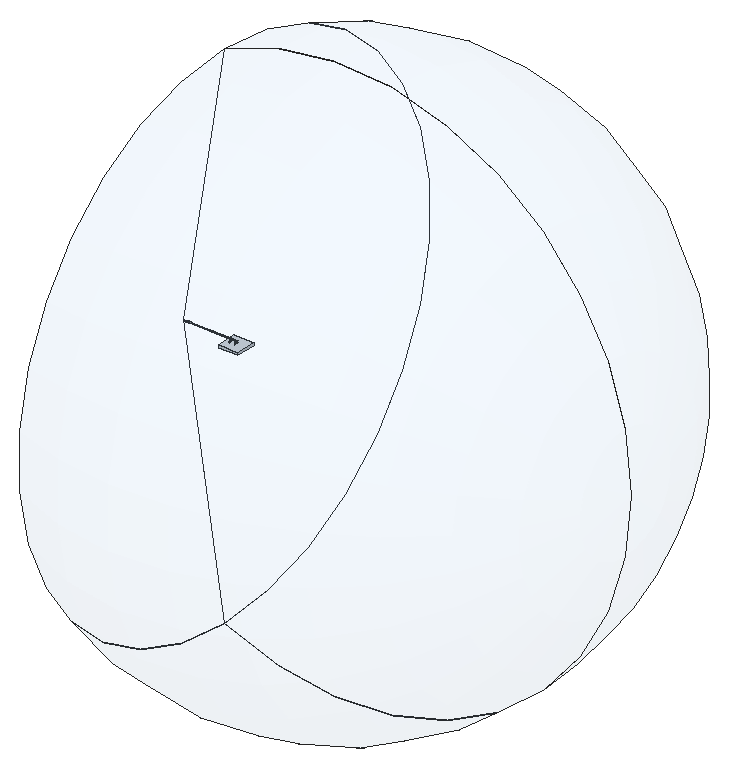
Revit family "Sistemas de captación_DAT CONTROLER REMOTE", category Equipos especializados, Revit 2017
Family settings
  Anfitrión = Cara
  Cota de conector redondo = Diámetro de uso
  Tipo de pieza = Normal
  Corte con vacíos al cargar = No
  Compartido = No
  Punto de cálculo de habitación = No
Parameters
  URL Pieza de adaptación [instance] = "https://at3w.com/upload/pdf_producto/AT-011A_E.PDF"
  URL Mástil [instance] = "https://at3w.com/upload/pdf_producto/AT-056A_E.PDF"
  URL Dat Controler Remote [instance] = "https://at3w.com/upload/pdf_producto/AT-2560_E.PDF"
  URL Anclaje [instance] = "https://at3w.com/upload/pdf_producto/AT-013B_E.PDF"
  URL = "https://at3w.com/"
  Tiempo de avance [instance] = if(Referencia = AT 2515, 15, if(Referencia = AT 2530, 30, if(Referencia = AT 2545, 45, 60)))  # 15
  Referencia AT [instance] = if(Referencia = AT 2515, "AT-2515", if(Referencia = AT 2530, "AT-2530", if(Referencia = AT 2545, "AT-2545", "AT-2560")))  # "AT-2515"
  Referencia [instance] = Referencia : AT-2515
  E [instance] = sqrt(D AL ^ 2 - (D - 5000 mm) ^ 2)  # 31622.777 mm
  Model = ""
  Fabricante = "APLICACIONES TECNOLÓGICAS"  # constant formula
  D AL [instance] = D + AL  # 35000 mm
  D [instance] = if(Nivel de protección = Nivel de protección I, 20000 mm, if(Nivel de protección = Nivel de protección II, 30000 mm, if(Nivel de protección = Nivel de protección III, 45000 mm, 60000 mm)))  # 20000 mm
  Volumen de protección [instance] = yes
  Radio de protección [instance] = if(and(Nivel de protección = Nivel de protección I, Referencia = AT 2515), 32000 mm, if(and(Nivel de protección = Nivel de protección I, Referencia = AT 2530), 48000 mm, if(and(Nivel de protección = Nivel de protección I, Referencia = AT 2545), 63000 mm, if(and(Nivel de protección = Nivel de protección I, Referencia = AT 2560), 79000 mm, if(and(Nivel de protección = Nivel de protección II, Referencia = AT 2515), 38000 mm, if(and(Nivel de protección = Nivel de protección II, Referencia = AT 2530), 55000 mm, if(and(Nivel de protección = Nivel de protección II, Referencia = AT 2545), 71000 mm, if(and(Nivel de protección = Nivel de protección II, Referencia = AT 2560), 87000 mm, if(and(Nivel de protección = Nivel de protección III, Referencia = AT 2515), 46000 mm, if(and(Nivel de protección = Nivel de protección III, Referencia = AT 2530), 64000 mm, if(and(Nivel de protección = Nivel de protección III, Referencia = AT 2545), 81000 mm, if(and(Nivel de protección = Nivel de protección III, Referencia = AT 2560), 97000 mm, if(and(Nivel de protección = Nivel de protección IV, Referencia = AT 2515), 52000 mm, if(and(Nivel de protección = Nivel de protección IV, Referencia = AT 2530), 72000 mm, if(and(Nivel de protección = Nivel de protección IV, Referencia = AT 2545), 90000 mm, 107000 mm)))))))))))))))  # 32000 mm
  Nivel de protección IV [instance] = Nivel de protección : IV
  Nivel de protección III [instance] = Nivel de protección : III
  Nivel de protección II [instance] = Nivel de protección : II
  Nivel de protección I [instance] = Nivel de protección : I
  Nivel de protección [instance] = Nivel de protección : I
  Default Elevation = 1219.2 mm
  Código de montaje = "1"
  AT 2560 [instance] = Referencia : AT-2560
  AT 2545 [instance] = Referencia : AT-2545
  AT 2530 [instance] = Referencia : AT-2530
  AT 2515 [instance] = Referencia : AT-2515
  AL [instance] = if(Tiempo de avance = 15, 15000 mm, if(Tiempo de avance = 30, 30000 mm, if(Tiempo de avance = 45, 45000 mm, 60000 mm)))  # 15000 mm
Reference planes
  plane 1 "Centro (Frontal/Posterior)": y = 0
  plane 2: z = 0
  plane 3 "Centro (Izquierda/Derecha)": x = 0
Forms (mm)
  Extrusion 1, solid
    sketch origin (0, 0, 0) x (1, 0, 0) y (0, 1, 0)
      loop
        line (-1219.2, 1219.2) -> (-1219.2, -1219.2) -> (1219.2, -1219.2) -> (1219.2, 1219.2) -> (-1219.2, 1219.2)
    from 0 to -304.8
  Revolve 2, solid, material "Volumen de protección", visible <- "Volumen de protección"
    sketch origin (0, 0, 0) x (1, 0, 0) y (0, 0, 1)
      loop
        line (-6433.198, 309.1) -> (-1433.198, -31313.677)
        arc (-1433.198, -31313.677) -> (32275.089, -29271.299) -> (48566.802, 309.1) r 35000
        line (48566.802, 309.1) -> (-6433.198, 309.1)
      axis (-6433.198, 309.1) -> (48566.802, 309.1)
    angle from 0 to 360
Dimensions and locks
  "E": Revolve 2 sketch curve to Revolve 2 sketch curve
  "D AL": radius of Revolve 2 sketch curve
  aligned and locked: plane 2 to Extrusion 1
  aligned and locked: level to Extrusion 1
  aligned and locked: nested 1 to Extrusion 1
  aligned and locked: nested 1 to plane 3 "Centro (Izquierda/Derecha)"
  aligned and locked: plane 1 "Centro (Frontal/Posterior)" to nested 1
Automatic sketch dimensions
  Extrusion 1 sketch curve to Extrusion 1 sketch curve = 2438.4 mm  (x2)
  level to Revolve 2 sketch curve = 309.1 mm  (x3)
  Revolve 2 sketch curve to plane 3 "Centro (Izquierda/Derecha)" = 6433.198 mm
  Revolve 2 sketch curve to plane 3 "Centro (Izquierda/Derecha)" = 1433.198 mm
  Revolve 2 sketch curve to Revolve 2 sketch curve = 0 mm
  Revolve 2 sketch curve to Revolve 2 sketch curve = 900 mm
Nested families
  nested 1: "Anclaje" at (0, 0, 0) x (0, -1, 0) z (0, 0, 1), type "Anclaje"
    with Referencia AT "AT-023B", Peso (kg) 6, Modelo Anclaje "Anclaje en U de 30 cm atornillado a la pared", Material Acero galvanizado, Incluye "2 soportes", Dimensiones (mm) "2 x (50 x 400 x 290)"
  nested 2: "Mástil" at (119.802, 0, 290), type "Mástil"
    with Referencia AT "AT-056A", Peso (kg) 20, Modelo Mástil "Mástil de 6 m (2 secciones)", Material Acero galvanizado, Incluye "2 secciones x 3 m", Dimensiones "Ø1 1/2'' x 6 m"
  nested 3: "Pieza de adaptación" at (-5832.198, 0, 290.05), type "Pieza de adaptación"
    with Rosca "M20", Referencia AT "AT-011A", Rango de conductores - Ø (mm) "8 - 10", Rango de conductores - mm2 "50 - 70", Rango de conductores - Pletina (mm) "30 x 2 - 30 x 3,5", Peso (g) 655, Mástil "1 1/2''", Material Latón, Dimensiones "Ø48 x 70"
  nested 4: "Pararrayos con dispositivo de cebado_DAT CONTROLER REMOTE" at (-5882.198, 0, 309.1), type "Pararrayos con dispositivo de cebado_DAT CONTROLER REMOTE"
    with Tipo de dispositivo de cebado "Electropulsante (emisor de impulsos)", Temperatura de trabajo "-25 ºC a 88 ºC", Peso (kg) 3.8, Material Acero inox., Fijación "Rosca macho M20", Estanqueidad "IP67", Aislante interno "Resina de poliuretano"
Definition of nested family "Anclaje"
  Parameters (values of type "Anclaje")
    URL = "https://at3w.com/"
    Referencia AT [instance] = "AT-023B"  # constant formula
    Peso (kg) [instance] = 6  # constant formula
    Modelo Anclaje [instance] = "Anclaje en U de 30 cm atornillado a la pared"  # constant formula
    Model = ""
    Material [instance] = none
    Incluye [instance] = "2 soportes"  # constant formula
    Manufacturer = "APLICACIONES TECNOLÓGICAS"  # constant formula
    Default Elevation = 1219.2 mm
    Dimensiones (mm) [instance] = "2 x (50 x 400 x 290)"  # constant formula
    Description = "Sistema de anclaje en U de 30 cm de longitud, fabricado en acero de 8 mm de espesor y galvanizado en caliente. Para fijación con tornillos en pared. (2 soportes) Ref. AT-023B"  # constant formula
    Assembly Code = "1.4"
  Reference planes
    plane 1 "Centro (Frontal/Posterior)": y = 0
    plane 2: z = 0
    plane 3 "Centro (Izquierda/Derecha)": x = 0
    plane 4: x = -200
    plane 5: x = 200
    plane 6: z = 290
    plane 7: y = -50
    plane 8: y = -650
  Forms (mm)
    Extrusion 1, solid, material <- "Material"
      sketch origin (0, 0, 0) x (1, 0, 0) y (0, 0, 1)
        loop
          line (-200, 0) -> (-149.482, 0) -> (-94.084, 285) -> (94.084, 285) -> (149.482, 0) -> (200, 0) -> (200, 5) -> (153.604, 5) -> (98.205, 290) -> (-98.205, 290) -> (-153.604, 5) -> (-200, 5) -> (-200, 0)
      from 0 to 50
    Extrusion 2, solid, material <- "Material"
      sketch origin (0, 0, 0) x (1, 0, 0) y (0, 0, 1)
        loop
          line (-98.205, 290) -> (-48.205, 290) -> (0, 335.314) -> (48.205, 290) -> (98.205, 290) -> (98.205, 295) -> (50.187, 295) -> (0, 342.176) -> (-50.187, 295) -> (-98.205, 295) -> (-98.205, 290)
      from 0 to 50
    Extrusion 3, void
      sketch origin (0, 0, 0) x (0, -1, 0) y (1, 0, 0)
        loop
          circle (25, -176.802) r 5
        loop
          circle (25, 176.802) r 5
      from -11.889 to 10.622
    Extrusion 4, solid, material <- "Material"
      sketch origin (0, 0, 184.223) x (0, -1, 0) y (1, 0, 0)
        loop
          line (25, 64.196) -> (33.66, 69.196) -> (33.66, 79.196) -> (25, 84.196) -> (16.34, 79.196) -> (16.34, 69.196) -> (25, 64.196)
        loop
          line (25, -64.196) -> (16.34, -69.196) -> (16.34, -79.196) -> (25, -84.196) -> (33.66, -79.196) -> (33.66, -69.196) -> (25, -64.196)
      from 113.8 to 110.777
    Extrusion 5, solid, material <- "Material"
      sketch origin (0, 0, 184.223) x (0, -1, 0) y (1, 0, 0)
        loop
          line (25, 64.196) -> (33.66, 69.196) -> (33.66, 79.196) -> (25, 84.196) -> (16.34, 79.196) -> (16.34, 69.196) -> (25, 64.196)
        loop
          circle (25, 74.196) r 5
        loop
          line (25, -84.196) -> (33.66, -79.196) -> (33.66, -69.196) -> (25, -64.196) -> (16.34, -69.196) -> (16.34, -79.196) -> (25, -84.196)
        loop
          circle (25, -74.196) r 5
      from 100.777 to 97.8
    Extrusion 6, solid, material <- "Material"
      sketch origin (0, 0, 184.223) x (0, -1, 0) y (1, 0, 0)
        loop
          circle (25, 74.196) r 5
        loop
          circle (25, -74.196) r 5
      from 100.777 to 90.8
    Extrusion 7, solid, material <- "Material"
      sketch origin (0, -650, 0) x (1, 0, 0) y (0, 0, 1)
        loop
          line (-200, 0) -> (-149.482, 0) -> (-94.084, 285) -> (94.084, 285) -> (149.482, 0) -> (200, 0) -> (200, 5) -> (153.604, 5) -> (98.205, 290) -> (-98.205, 290) -> (-153.604, 5) -> (-200, 5) -> (-200, 0)
      from 0 to 50
    Extrusion 8, solid, material <- "Material"
      sketch origin (0, -650, 0) x (1, 0, 0) y (0, 0, 1)
        loop
          line (-98.205, 290) -> (-48.205, 290) -> (0, 335.314) -> (48.205, 290) -> (98.205, 290) -> (98.205, 295) -> (50.187, 295) -> (0, 342.176) -> (-50.187, 295) -> (-98.205, 295) -> (-98.205, 290)
      from 0 to 50
    Extrusion 9, void
      sketch origin (0, -650, 0) x (0, -1, 0) y (1, 0, 0)
        loop
          circle (25, -176.802) r 5
        loop
          circle (25, 176.802) r 5
      from -11.889 to 10.622
    Extrusion 10, solid, material <- "Material"
      sketch origin (0, -650, 184.223) x (0, -1, 0) y (1, 0, 0)
        loop
          line (25, 64.196) -> (33.66, 69.196) -> (33.66, 79.196) -> (25, 84.196) -> (16.34, 79.196) -> (16.34, 69.196) -> (25, 64.196)
        loop
          line (25, -64.196) -> (16.34, -69.196) -> (16.34, -79.196) -> (25, -84.196) -> (33.66, -79.196) -> (33.66, -69.196) -> (25, -64.196)
      from 113.8 to 110.777
    Extrusion 11, solid, material <- "Material"
      sketch origin (0, -650, 184.223) x (0, -1, 0) y (1, 0, 0)
        loop
          line (25, 64.196) -> (33.66, 69.196) -> (33.66, 79.196) -> (25, 84.196) -> (16.34, 79.196) -> (16.34, 69.196) -> (25, 64.196)
        loop
          circle (25, 74.196) r 5
        loop
          line (25, -84.196) -> (33.66, -79.196) -> (33.66, -69.196) -> (25, -64.196) -> (16.34, -69.196) -> (16.34, -79.196) -> (25, -84.196)
        loop
          circle (25, -74.196) r 5
      from 97.8 to 100.777
    Extrusion 12, solid, material <- "Material"
      sketch origin (0, -650, 184.223) x (0, -1, 0) y (1, 0, 0)
        loop
          circle (25, 74.196) r 5
        loop
          circle (25, -74.196) r 5
      from 100.777 to 90.8
  Cuts and joins
    Extrusion 3, Extrusion 9 cuts Extrusion 1
    Extrusion 9 cuts Extrusion 7
  Dimensions and locks
    locked: plane 4 to plane 5 at 400
    plane 6 to level = 290 mm
    locked: plane 8 to plane 7 at 600
    aligned and locked: level to plane 2
    aligned and locked: Extrusion 2 sketch curve to Extrusion 1
    aligned and locked: Extrusion 4 to Extrusion 2
    aligned and locked: cut or joined group of Extrusion 1, Extrusion 3, Extrusion 9 to Extrusion 5
    aligned and locked: cut or joined group of Extrusion 1, Extrusion 3, Extrusion 9 to Extrusion 6
    aligned and locked: Extrusion 8 sketch curve to Extrusion 7
    aligned and locked: Extrusion 10 to Extrusion 8
    aligned and locked: Extrusion 12 to cut or joined group of Extrusion 7, Extrusion 9
    aligned and locked: Extrusion 11 to Extrusion 12
Definition of nested family "Mástil"
  Parameters (values of type "Mástil")
    URL = "https://at3w.com/"
    Referencia AT [instance] = "AT-056A"  # constant formula
    Peso (kg) [instance] = 20  # constant formula
    Modelo Mástil [instance] = "Mástil de 6 m (2 secciones)"  # constant formula
    Model = ""
    Material [instance] = none
    Incluye [instance] = "2 secciones x 3 m"  # constant formula
    Manufacturer = "APLICACIONES TECNOLÓGICAS"  # constant formula
    Default Elevation = 1219.2 mm
    Dimensiones [instance] = "Ø1 1/2'' x 6 m"  # constant formula
    Description = "Mástil de acero galvanizado en caliente, de 6 mts de longitud (2 tramos de 3m) y 1½'' de diámetro. Para fijación a muro o estructura. Ref. AT-056A. NOTA: SE DEBERAN AÑADIR 6 METROS DE CONDUCTOR."  # constant formula
    Assembly Code = "1.3"
  Reference planes
    plane 1 "Centro (Frontal/Posterior)": y = 0
    plane 2: z = 0
    plane 3 "Centro (Izquierda/Derecha)": x = 0
    plane 4: z = 38.2
  Forms (mm)
    Extrusion 1, solid
      sketch origin (0, 0, 19.1) x (0, 0, 1) y (0, 1, 0)
        loop
          circle (0, 0) r 19.1
      from 0 to 6000
    Extrusion 2, solid
      sketch origin (0, 0, 19.1) x (0, 1, 0) y (-1, 0, 0)
        loop
          line (10, 3031.262) -> (5, 3039.922) -> (-5, 3039.922) -> (-10, 3031.262) -> (-5, 3022.602) -> (5, 3022.602) -> (10, 3031.262)
        loop
          line (10, 3081.262) -> (5, 3089.922) -> (-5, 3089.922) -> (-10, 3081.262) -> (-5, 3072.602) -> (5, 3072.602) -> (10, 3081.262)
      from 19.1 to 22.1
    Extrusion 3, solid
      sketch origin (0, 0, 19.1) x (0, 1, 0) y (-1, 0, 0)
        loop
          circle (0, 3031.262) r 5
        loop
          circle (0, 3081.262) r 5
      from -19.1 to -26.1
    Extrusion 4, solid
      sketch origin (0, 0, 19.1) x (0, 1, 0) y (-1, 0, 0)
        loop
          line (10, 3031.262) -> (5, 3039.922) -> (-5, 3039.922) -> (-10, 3031.262) -> (-5, 3022.602) -> (5, 3022.602) -> (10, 3031.262)
        loop
          line (10, 3081.262) -> (5, 3089.922) -> (-5, 3089.922) -> (-10, 3081.262) -> (-5, 3072.602) -> (5, 3072.602) -> (10, 3081.262)
        loop
          circle (0, 3081.262) r 5
        loop
          circle (0, 3031.262) r 5
      from -19.1 to -22.1
  Dimensions and locks
    aligned and locked: level to plane 2
    aligned and locked: plane 4 to Extrusion 2
Definition of nested family "Pieza de adaptación"
  Parameters (values of type "Pieza de adaptación")
    URL = "https://at3w.com/"
    Rosca [instance] = "M20"  # constant formula
    Referencia AT [instance] = "AT-011A"  # constant formula
    Rango de conductores - Ø (mm) [instance] = "8 - 10"  # constant formula
    Rango de conductores - mm2 [instance] = "50 - 70"  # constant formula
    Rango de conductores - Pletina (mm) [instance] = "30 x 2 - 30 x 3,5"  # constant formula
    Peso (g) [instance] = 655  # constant formula
    Mástil [instance] = "1 1/2''"  # constant formula
    Model = ""
    Material [instance] = none
    Manufacturer = "APLICACIONES TECNOLÓGICAS"  # constant formula
    Default Elevation = 1219.2 mm
    Dimensiones [instance] = "Ø48 x 70"  # constant formula
    Description = "Pieza de adaptación de latón para unión entre pararrayos, mástil de 1½'' y bajante interior de cable de Ø8 a 10 mm ó pletina de 30 x 2 mm. Ref. AT-011A"  # constant formula
    Assembly Code = "1.2"
  Reference planes
    plane 1 "Centro (Frontal/Posterior)": y = 0
    plane 2: z = 0
    plane 3 "Centro (Izquierda/Derecha)": x = 0
    plane 4: x = -70
    plane 5: x = -50
  Forms (mm)
    Revolve 1, solid, material <- "Material"
      sketch origin (0, 0, 19.05) x (0, 0, 1) y (-1, 0, 0)
        loop
          line (-12, 70) -> (-13.5, 70) -> (-24, 50) -> (-24, 48) -> (-18.07, 48) -> (-18.07, 0) -> (0, 0) -> (0, 20) -> (-12, 20) -> (-12, 70)
        axis (0, 70) -> (0, 0)
      angle from 0 to 360
    Extrusion 2, void
      sketch origin (0, 0, 19.05) x (0, 0, 1) y (-1, 0, 0)
        loop
          circle (0, 38.114) r 3
      from -36.086 to 32.704
    Extrusion 3, void
      sketch origin (0, 0, 20.741) x (0, 1, 0) y (-1, 0, 0)
        loop
          circle (0, 38.114) r 3
      from -36.086 to 32.704
    Extrusion 4, void
      sketch origin (0, 0, 19.05) x (0, 0, 1) y (-1, 0, 0)
        loop
          line (-37.447, 0) -> (-15, 0) -> (-15, 30) -> (-37.447, 30) -> (-37.447, 0)
        loop
          line (37.447, 0) -> (37.447, 30) -> (14.946, 30) -> (14.946, 0) -> (37.447, 0)
      from -35.24 to 30.906
    Extrusion 5, solid
      sketch origin (0, 0, 19.05) x (0, 1, 0) y (-1, 0, 0)
        loop
          line (4.674, 22.688) -> (2.337, 26.736) -> (-2.337, 26.736) -> (-4.674, 22.688) -> (-2.337, 18.639) -> (2.337, 18.639) -> (4.674, 22.688)
        loop
          line (4.674, 7.688) -> (2.337, 11.736) -> (-2.337, 11.736) -> (-4.674, 7.688) -> (-2.337, 3.639) -> (2.337, 3.639) -> (4.674, 7.688)
      from 15.9 to 17.9
    Extrusion 6, solid
      sketch origin (0, 0, 19.05) x (0, 1, 0) y (-1, 0, 0)
        loop
          circle (0, 22.688) r 3
        loop
          circle (0, 7.688) r 3
      from 14.946 to 15.9
    Extrusion 7, solid
      sketch origin (0, 0, 19.05) x (1, 0, 0) y (0, 1, 0)
        loop
          line (-22.688, 4.674) -> (-26.736, 2.337) -> (-26.736, -2.337) -> (-22.688, -4.674) -> (-18.639, -2.337) -> (-18.639, 2.337) -> (-22.688, 4.674)
        loop
          line (-7.688, 4.674) -> (-11.736, 2.337) -> (-11.736, -2.337) -> (-7.688, -4.674) -> (-3.639, -2.337) -> (-3.639, 2.337) -> (-7.688, 4.674)
      from -16 to -18
    Extrusion 8, solid
      sketch origin (0, 0, 19.05) x (1, 0, 0) y (0, 1, 0)
        loop
          circle (-22.688, 0) r 3
        loop
          circle (-7.688, 0) r 3
      from -15 to -16
  Cuts and joins
    Extrusion 2, Extrusion 3, Extrusion 4 cuts Revolve 1
  Dimensions and locks
    aligned and locked: level to plane 2
    aligned and locked: Extrusion 5 to Extrusion 6
    aligned and locked: Extrusion 8 to Extrusion 7
    aligned and locked: Extrusion 8 to cut or joined group of Revolve 1, Extrusion 2, Extrusion 3, Extrusion 4
Definition of nested family "Pararrayos con dispositivo de cebado_DAT CONTROLER REMOTE"
  Parameters (values of type "Pararrayos con dispositivo de cebado_DAT CONTROLER REMOTE")
    URL = "https://at3w.com/"
    Tipo de dispositivo de cebado [instance] = "Electropulsante (emisor de impulsos)"  # constant formula
    Temperatura de trabajo [instance] = "-25 ºC a 88 ºC"  # constant formula
    Peso (kg) [instance] = 3.8  # constant formula
    Model = ""
    Material [instance] = none
    Fijación [instance] = "Rosca macho M20"  # constant formula
    Manufacturer = "APLICACIONES TECNOLÓGICAS"  # constant formula
    Estanqueidad [instance] = "IP67"  # constant formula
    Default Elevation = 1219.2 mm
    Description = "Pararrayos con dispositivo de cebado electropulsante de APLICACIONES TECNOLÓGICAS, modelo DAT CONTROLER REMOTE, con Certificación de Producto AENOR y Certificado de funcionamiento en condiciones de lluvia, con impulsos tipo rayo, maniobra y con tensión continua, según UNE-EN 60060."  # constant formula
    Assembly Code = "1.1"
    Aislante interno [instance] = "Resina de poliuretano"  # constant formula
  Reference planes
    plane 1 "Centro (Frontal/Posterior)": y = 0
    plane 2: z = 0
    plane 3 "Centro (Izquierda/Derecha)": x = 0
    plane 4: x = -551
  Forms (mm)
    Revolve 1, solid, material <- "Material"
      sketch origin (0, 0, 0) x (0, 0, 1) y (-1, 0, 0)
        loop
          line (-38, 146) -> (-60, 128) -> (-60, 126) -> (-14, 126) -> (-14, 20) -> (-12, 20) -> (-12, 0) -> (0, 0) -> (0, 551) -> (-14, 441) -> (-14, 416) -> (-15.5, 416)
          arc (-15.5, 416) -> (-22.708, 410.036) -> (-27.5, 402) r 27.5
          line (-27.5, 402) -> (-38, 300) -> (-38, 146)
        axis (0, 551) -> (0, 0)
      angle from 0 to 360
    Extrusion 2, solid, material <- "Material"
      sketch origin (0, 0, 0) x (0, 0, 1) y (-1, 0, 0)
        loop
          line (-14, 40) -> (21.65, 40) -> (76.114, -43.867) -> (77.791, -42.778) -> (22.736, 42) -> (-14, 42) -> (-14, 40)
      from -14 to 14
    Extrusion 3, solid, material <- "Material"
      sketch origin (0, 0, 0) x (0, 0, 1) y (-1, 0, 0)
        loop
          line (48.586, -1.478) -> (92.157, -68.572) -> (106.414, -59.313) -> (62.843, 7.781) -> (48.586, -1.478)
      from -20 to 20
    Extrusion 4, solid
      sketch origin (1.577, 0, 1.024) x (0, 0, 1) y (-1, 0, 0)
        loop
          line (66.176, 2.649) -> (82.515, -22.512) -> (83.186, -22.076) -> (66.847, 3.084) -> (66.176, 2.649)
      from -16 to 16
    Extrusion 5, solid
      sketch origin (30.092, 0, 19.542) x (0, 0, 1) y (-1, 0, 0)
        loop
          line (66.176, 2.649) -> (82.515, -22.512) -> (83.186, -22.076) -> (66.847, 3.084) -> (66.176, 2.649)
      from -16 to 16
    Blend 6, solid
      base sketch origin (67.483, 3.125, 93.834) x (-0.544639, 0, 0.838671) y (0, -1, 0)
        loop
          circle (8.336, 10.09) r 3
      top sketch origin (67.483, 3.125, 93.834) x (-0.544639, 0, 0.838671) y (0, -1, 0)
        loop
          circle (8.336, 10.09) r 1.5
      from 0 to 20.277
    Blend 7, solid
      base sketch origin (67.483, 17.125, 93.834) x (-0.544639, 0, 0.838671) y (0, -1, 0)
        loop
          circle (8.336, 10.09) r 3
      top sketch origin (67.483, 17.125, 93.834) x (-0.544639, 0, 0.838671) y (0, -1, 0)
        loop
          circle (8.336, 10.09) r 1.5
      from 0 to 20.277
  Dimensions and locks
    plane 3 "Centro (Izquierda/Derecha)" to plane 4 = 551 mm
    aligned and locked: level to plane 2
